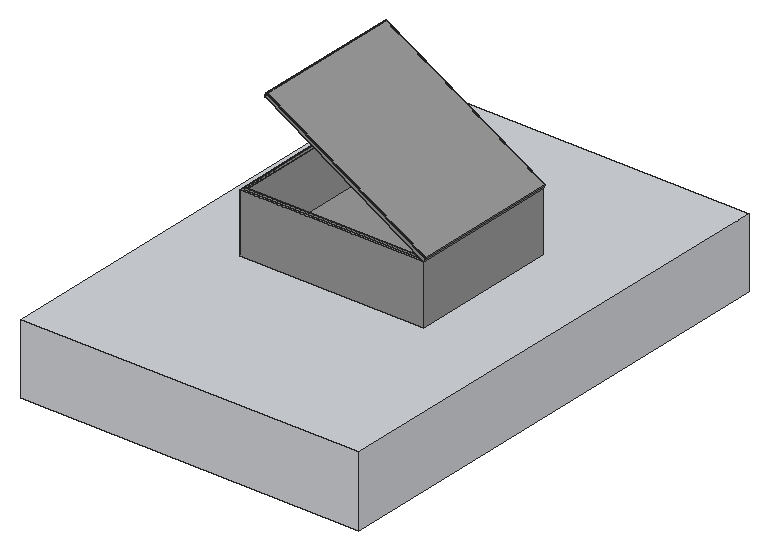
Revit family "Hager-Univers-IP55-D275-H650-Cl.I-Steel_encl-CH-it", category Equipement électrique, Revit 2020
Family settings
  Hôte = Face
  Configuration du panneau = Deux colonnes, circuits au sein
  Cote de connecteur circulaire = Utiliser le diamètre
  Type d'élément = Tableau de raccordement
  Couper avec des vides une fois chargée = Non
  Partagée = Non
  Point de calcul de pièce = Non
Parameters (values of type "A parete IP55 L800 A650 P275  - FR43E")
  Width Control [instance] = if([EF000008 - Larghezza] > Min Width, [EF000008 - Larghezza], Min Width)  # 800 mm
  Commentaires du type = [HG000003 - Gamma]  # "Univers"
  Thickness Door [instance] = if([EF009171 - spessore materiale porta/coperchio] > 3 mm, 3 mm, [EF009171 - spessore materiale porta/coperchio])  # 1.5 mm
  Seal Frame Offset [instance] = 17 mm  # constant formula
  Plinth Visibility [instance] = [HG000027 - Altezza dello zoccolo] > 0 mm  # no
  Model = ""
  Min Width [instance] = 100 mm  # constant formula
  Min Height [instance] = 100 mm  # constant formula
  Min Depth [instance] = (2 * [EF009170 - spessore materiale scatola]) + 1 mm  # 4 mm
  Internal Frame Depth [instance] = (Door System Depth * 0.5)  # 9 mm
  Height Control [instance] = if([EF000040 - Altezza] > Min Height, [EF000040 - Altezza], Min Height)  # 650 mm
  HG000027 - Altezza dello zoccolo = 0 mm
  HG000026 - A pavimento = no
  HG000024 - Altezza della sezione inferiore = 800 mm
  HG000023 - Custodia a doppia sezione = no
  HG000016 - Visibilità delle porte nella vista 3D [instance] = yes
  HG000015 - Visibilità attraverso la porta [instance] = no
  HG000014 - Porta destra [instance] = yes
  HG000013 - Porta sinistra [instance] = not([HG000014 - Porta destra])  # no
  HG000012 - Angolo di apertura della porta [instance] = 30.00°
  HG000010 - Porte asimmetriche = no
  HG000009 - Porta doppia a battente = no
  HG000006 - Ad incasso = no
  HG000004 - Codice produttore = "FR43E"
  HG000003 - Gamma = "Univers"
  HG000002 - Con porta = yes
  Frame Offset Bottom [instance] = 10 mm  # constant formula
  Frame Offset [instance] = 15 mm  # constant formula
  EF015940 - Coprire con rilascio di sovrapressione = no
  EF011959 - tipo di protezione (NEMA) = ""
  EF009554 - numero delle aperture per la piastra della flangia = 6
  Fabricant = "Hager"  # constant formula
  EF009212 - esecuzione coperchio = "EV000116 - chiuso"
  EF009171 - spessore materiale porta/coperchio = 1.5 mm
  EF009170 - spessore materiale scatola = 1.5 mm
  EF008873 - corrente nominale (In) = 800 A
  EF007800 - adatto per parafulmine = no
  EF006306 - con serratura = no
  EF006244 - coperchio/porta trasparente = no
  EF005474 - grado di protezione (IP) = "EV006420 - IP55"
  EF004464 - tipo di porta = "EV002646 - singolo"
  EF004427 - numero di moduli = 144
  EF004293 - resistenza agli urti = "EV008784 - IK10"
  EF003532 - adatto per uso esterno = no
  EF002950 - Numero moduli DIN = 24
  EF001613 - Integrità del circuito = "EV000494 - senza"
  EF001596 - Attacco Lampada = "EV000179 - acciaio"
  EF001131 - profondità interna = 275 mm
  EF001088 - possibilità di applicazione = yes
  EF000437 - numero di ingressi per conduttori = 6
  EF000339 - tipo di copertura = "EV004216 - porta"
  EF000266 - numero di file = 4
  EF000218 - profondità di incasso = 0 mm
  EF000118 - con piastra di montaggio = no
  EF000116 - numero RAL = "7035"
  EF000049 - profondità = 275 mm
  EF000040 - Altezza = 650 mm
  EF000008 - Larghezza = 800 mm
  EF000007 - colore = "EV000270 - grigio"
  EF000003 - Tipo di montaggio = "EV000384 - A parete"
  Door System Leaf Tolerance [instance] = 1.5 mm  # constant formula
  Door System Depth [instance] = 18 mm  # constant formula
  Door Height [instance] = Height Control - [HG000027 - Altezza dello zoccolo]  # 650 mm
  Depth Control [instance] = if([EF000049 - profondità] > Min Depth, [EF000049 - profondità], Min Depth)  # 275 mm
  Default Elevation = 0 mm
  Connector Offset [instance] = Height Control / 2  # 325 mm
  Bottom Top Plate Trim [instance] = 1.5 mm  # constant formula
  Plinth height Ctrl [instance] = if([HG000027 - Altezza dello zoccolo] > 0 mm, [HG000027 - Altezza dello zoccolo], 12 mm)  # 12 mm
Types (5, lengths in mm): name | Width Control | HG000010 - Porte asimmetriche | HG000009 - Porta doppia a battente | HG000004 - Codice produttore | EF009554 - numero delle aperture per la piastra della flangia | EF004464 - tipo di porta | EF004427 - numero di moduli | EF000437 - numero di ingressi per conduttori | EF000008 - Larghezza
  A parete IP55 L1050 A650 P275  - FR44E | 1050 | no | yes | "FR44E" | 8 | "EV003602 - doppio" | 192 | 8 | 1050
  A parete IP55 L1300 A650 P275  - FR45E | 1300 | yes | yes | "FR45E" | 10 | "EV003602 - doppio" | 240 | 10 | 1300
  A parete IP55 L300 A650 P275  - FR41E | 300 | no | no | "FR41E" | 2 | "EV002646 - singolo" | 48 | 2 | 300
  A parete IP55 L550 A650 P275  - FR42E | 550 | no | no | "FR42E" | 4 | "EV002646 - singolo" | 96 | 4 | 550
  A parete IP55 L800 A650 P275  - FR43E | 800 | no | no | "FR43E" | 6 | "EV002646 - singolo" | 144 | 6 | 800
Reference planes
  plane 1 "Center (Front/Back)": y = 0
  plane 2: z = 0
  plane 3 "Center (Left/Right)": x = 0
  plane 4: z = 275
  plane 5: y = 1.5
  plane 6: y = 325
  plane 7: y = 0
  plane 8: y = 650
  plane 9: z = 0
  plane 10: x = -385
  plane 11: x = 385
  plane 12: x = 383.5
  plane 13: x = -383.5
  plane 14: y = 648.5
  plane 15: x = -383
  plane 16: x = -400
  plane 17: x = 383
  plane 18: x = 400
  plane 19: x = 398.5
  plane 20: x = -398.5
  plane 21: y = 11.5
  plane 22: y = 650
  plane 23: y = 633.5
  plane 24: z = 257
  plane 25: z = 1.5
  plane 26: z = 255.5
  plane 27: z = 273.5
Forms (mm)
  Extrusion 1, solid
    sketch origin (0, 0, 0) x (1, 0, 0) y (0, 1, 0)
      loop
        line (-702.964, 1305) -> (-702.964, -811.445) -> (766.763, -811.445) -> (766.763, 1305) -> (-702.964, 1305)
    from 0 to -304.8
  Extrusion 2, solid, material "Hager_Steel_RAL7035_Light_Grey", visible <- "Plinth Visibility", detail levels medium+fine
    sketch origin (0, 0, 0) x (1, 0, 0) y (0, 1, 0)
      loop
        line (-400, 0) -> (400, 0) -> (400, 12) -> (-400, 12) -> (-400, 0)
    from 0 to 257
  Extrusion 3, solid, material "Hager_Steel_RAL7035_Light_Grey", detail levels medium+fine
    sketch origin (0, 0, 0) x (1, 0, 0) y (0, 1, 0)
      loop
        line (-400, 0) -> (400, 0) -> (400, 650) -> (-400, 650) -> (-400, 0)
    from 0 to 257
  Extrusion 4, void
    sketch origin (0, 0, 0) x (1, 0, 0) y (0, 1, 0)
      loop
        line (-398.5, 1.5) -> (398.5, 1.5) -> (398.5, 648.5) -> (-398.5, 648.5) -> (-398.5, 1.5)
    from 1.5 to 255.5
  Extrusion 5, void
    sketch origin (-381.607, -4572, 257) x (0, -1, 0) y (-1, 0, 0)
      loop
        line (-4583.5, 1.893) -> (-5205.5, 1.893) -> (-5205.5, -765.107) -> (-4583.5, -765.107) -> (-4583.5, 1.893)
    from 0 to 1.5 <- "EF009170 - spessore materiale scatola"
  Extrusion 6, solid, material "Hager_Steel_RAL7035_Light_Grey", detail levels fine
    sketch origin (0, 0, 257) x (1, 0, 0) y (0, 1, 0)
      loop
        line (-383.5, 633.5) -> (-383.5, 11.5) -> (383.5, 11.5) -> (383.5, 633.5) -> (-383.5, 633.5)
      loop
        line (-385, 10) -> (385, 10) -> (385, 635) -> (-385, 635) -> (-385, 10)
    from 0 to 9 <- "Internal Frame Depth"
  Extrusion 7, solid, material "Hager_Steel_RAL7035_Light_Grey", detail levels coarse
    sketch origin (0, 0, 0) x (1, 0, 0) y (0, 1, 0)
      loop
        line (-400, 0) -> (400, 0) -> (400, 650) -> (-400, 650) -> (-400, 0)
    from 0 to 275
  Sweep 8, void
    path in 3D
      loop
        line (-400, 12, 0) -> (400, 12, 0) -> (400, 12, 257) -> (-400, 12, 257) -> (-400, 12, 0)
    profile origin (-400, 12, 128.5) x (-1, 0, 0) y (0, -1, 0)
      loop
        line (0, 0) -> (0, 1.5) -> (-1.5, 1.5)
        arc (-1.5, 1.5) -> (-1.061, 0.439) -> (0, 0) r 1.5
Cuts and joins
  Extrusion 4, Extrusion 5 cuts Extrusion 3
  Sweep 8 cuts Extrusion 2
Lines and regions (mm)
  Masking region 1
    outline origin (0, 0, 0) x (1, 0, 0) y (0, 0, 1)
      loop
        line (-400, 275) -> (-400, 0) -> (400, 0) -> (400, 275) -> (-400, 275)
  Masking region 2, detail levels medium+fine
    outline origin (0, 140, 0) x (0, 1, 0) y (0, 0, 1)
      loop
        line (-140, 0) -> (510, 0) -> (510, 257) -> (-140, 257) -> (-140, 0)
  Masking region 3, not visible, detail levels medium+fine
    outline origin (0, 297.922, 0) x (0, 1, 0) y (0, 0, 1)
      loop
        line (38.578, 0) -> (78.578, 0) -> (78.578, 263.5)
        arc (78.578, 263.5) -> (75.649, 270.571) -> (68.578, 273.5) r 10
        line (68.578, 273.5) -> (38.578, 273.5) -> (38.578, 0)
  Masking region 4, detail levels coarse
    outline origin (0, 0, 180) x (0, 1, 0) y (0, 0, 1)
      loop
        line (0, -180) -> (650, -180) -> (650, 95) -> (0, 95) -> (0, -180)
  Masking region 5, visible <- "Plinth Visibility", detail levels medium+fine
    outline origin (0, 52.24, 12.345) x (0, 0, -1) y (0, 1, 0)
      loop
        line (10.845, -40.24) -> (-243.155, -40.24)
        arc (-243.155, -40.24) -> (-243.594, -41.301) -> (-244.655, -41.74) r 1.5
        line (-244.655, -41.74) -> (-244.655, -52.24) -> (12.345, -52.24) -> (12.345, -41.74)
        arc (12.345, -41.74) -> (11.285, -41.301) -> (10.845, -40.24) r 1.5
  Masking region 6, detail levels medium+fine
    outline origin (-381.607, -4572, 257) x (-1, 0, 0) y (0, -1, 0)
      loop
        line (18.393, -5222) -> (18.393, -4572) -> (-781.607, -4572) -> (-781.607, -5222) -> (18.393, -5222)
  Masking region 7, visible <- "Plinth Visibility", detail levels medium+fine
    outline origin (-381.607, -4727, 257) x (-1, 0, 0) y (0, -1, 0)
      loop
        arc (16.893, -4739) -> (17.332, -4737.939) -> (18.393, -4737.5) r 1.5
        line (18.393, -4737.5) -> (18.393, -4727) -> (-781.607, -4727) -> (-781.607, -4737.5)
        arc (-781.607, -4737.5) -> (-780.546, -4737.939) -> (-780.107, -4739) r 1.5
        line (-780.107, -4739) -> (16.893, -4739)
  Masking region 8, detail levels coarse
    outline origin (-442.548, -4669.526, 257) x (-1, 0, 0) y (0, -1, 0)
      loop
        line (-42.548, -5319.526) -> (-42.548, -4669.526) -> (-842.548, -4669.526) -> (-842.548, -5319.526) -> (-42.548, -5319.526)
  sketch lines
    curve 1: line (-400, 12, 257) -> (-400, 12, 0)
    curve 2: line (400, 12, 257) -> (-400, 12, 257)
    curve 3: line (400, 12, 257) -> (400, 12, 0)
    curve 4: line (-400, 12, 0) -> (400, 12, 0)
Dimensions and locks
  "Depth Control": plane 4 to Extrusion 1
  "HG000027 - Altezza dello zoccolo": plane 1 "Center (Front/Back)" to plane 7
  "EF009170 - spessore materiale scatola": plane 5 to plane 7
  locked: connector elem to plane 3 "Center (Left/Right)"
  equal spacing: plane 8, plane 6, plane 7
  locked: connector elem to plane 6
  "EF009170 - spessore materiale scatola": plane 8 to plane 14
  "EF009170 - spessore materiale scatola": plane 10 to plane 13
  "EF009170 - spessore materiale scatola": plane 12 to plane 11
  "Frame Offset": plane 20 to plane 13
  "Frame Offset": plane 12 to plane 19
  "EF009170 - spessore materiale scatola": plane 16 to plane 20
  "EF009170 - spessore materiale scatola": plane 19 to plane 18
  "Seal Frame Offset": plane 16 to plane 15
  "Seal Frame Offset": plane 17 to plane 18
  "Frame Offset Bottom": plane 21 to plane 5
  "Frame Offset": plane 14 to plane 23
  equal spacing: plane 16, plane 3 "Center (Left/Right)", plane 18
  "Width Control": plane 16 to plane 18
  "EF009170 - spessore materiale scatola": plane 4 to plane 27
  "EF009170 - spessore materiale scatola": plane 24 to plane 26
  "EF009170 - spessore materiale scatola": plane 25 to level
  "Door System Depth": plane 4 to plane 24
  "Height Control": plane 1 "Center (Front/Back)" to Extrusion 7 sketch curve
  "Height Control": Masking region 4 sketch curve to plane 1 "Center (Front/Back)"
  "Height Control": plane 1 "Center (Front/Back)" to plane 22
  "Bottom Top Plate Trim": profile plane to Sweep 8 sketch curve
  "Bottom Top Plate Trim": Sweep 8 sketch curve to profile plane
  "Plinth height Ctrl": plane 1 "Center (Front/Back)" to Extrusion 2 sketch curve
  "Plinth height Ctrl": Masking region 5 sketch curve to plane 1 "Center (Front/Back)"
  "Plinth height Ctrl": plane 1 "Center (Front/Back)" to Masking region 7 sketch curve
  "Thickness Door": Extrusion 6 sketch curve to Extrusion 6 sketch curve  (x3)
  "Thickness Door": cut or joined group of Extrusion 3, Extrusion 4, Extrusion 5 to Extrusion 6 sketch curve
  radius of Masking region 3 sketch curve = 10 mm
  "Bottom Top Plate Trim": radius of Masking region 5 sketch curve  (x2)
  "Bottom Top Plate Trim": radius of Sweep 8 sketch curve
  "Bottom Top Plate Trim": radius of Masking region 7 sketch curve  (x2)
  aligned and locked: plane 2 to Extrusion 1
  aligned and locked: level to Extrusion 1
  aligned and locked: level to Masking region 1 sketch curve
  aligned and locked: Masking region 1 sketch curve to plane 18
  aligned and locked: Masking region 1 sketch curve to plane 16
  aligned and locked: plane 7 to Masking region 2 sketch curve
  aligned and locked: level to Masking region 3 sketch curve
  aligned and locked: Masking region 3 sketch curve to plane 27
  aligned and locked: level to Masking region 2 sketch curve
  aligned and locked: plane 1 "Center (Front/Back)" to Extrusion 2 sketch curve
  aligned and locked: Extrusion 3 sketch curve to plane 7
  aligned and locked: plane 16 to Extrusion 3 sketch curve
  aligned and locked: plane 18 to Extrusion 3 sketch curve
  aligned and locked: plane 20 to Extrusion 4 sketch curve
  aligned and locked: plane 19 to Extrusion 4 sketch curve
  aligned and locked: Extrusion 4 sketch curve to plane 5
  aligned and locked: Extrusion 4 to plane 25
  aligned and locked: plane 26 to Extrusion 4
  aligned and locked: plane 24 to Extrusion 3
  aligned and locked: Extrusion 5 sketch curve to plane 21
  aligned and locked: Extrusion 5 sketch curve to plane 13
  aligned and locked: Extrusion 5 sketch curve to plane 12
  aligned and locked: plane 18 to Extrusion 7 sketch curve
  aligned and locked: plane 1 "Center (Front/Back)" to Extrusion 7 sketch curve
  aligned and locked: plane 16 to Extrusion 7 sketch curve
  aligned and locked: plane 4 to Extrusion 7
  aligned and locked: Extrusion 7 to level
  aligned and locked: level to Masking region 4 sketch curve
  aligned and locked: Masking region 4 sketch curve to plane 1 "Center (Front/Back)"
  aligned and locked: Masking region 4 sketch curve to plane 4
  aligned and locked: nested 1 to level
  aligned and locked: nested 1 to plane 16
  aligned and locked: plane 8 to Extrusion 3 sketch curve
  aligned and locked: plane 23 to Extrusion 5 sketch curve
  aligned and locked: plane 14 to Extrusion 4 sketch curve
  aligned and locked: Masking region 2 sketch curve to plane 8
  aligned and locked: level to Masking region 5 sketch curve
  aligned and locked: plane 16 to Extrusion 2 sketch curve
  aligned and locked: plane 18 to Extrusion 2 sketch curve
  aligned and locked: Masking region 5 sketch curve to plane 24
  aligned and locked: Masking region 2 sketch curve to plane 24
  aligned and locked: plane 24 to Extrusion 2
  aligned and locked: profile plane to Sweep 8 sketch curve  (x2)
  aligned and locked: Masking region 6 sketch curve to plane 18
  aligned and locked: Masking region 6 sketch curve to plane 22
  aligned and locked: Masking region 6 sketch curve to plane 16
  aligned and locked: plane 8 to plane 22
  aligned and locked: Masking region 6 sketch curve to plane 7
  aligned and locked: Masking region 7 sketch curve to plane 16
  aligned and locked: Masking region 7 sketch curve to plane 1 "Center (Front/Back)"
  aligned and locked: Masking region 7 sketch curve to plane 18
  aligned and locked: Masking region 8 sketch curve to plane 1 "Center (Front/Back)"
  aligned and locked: Masking region 8 sketch curve to plane 18
  aligned and locked: Masking region 8 sketch curve to plane 22
  aligned and locked: Masking region 8 sketch curve to plane 16
  aligned and locked: nested 2 to plane 7
  aligned and locked: plane 3 "Center (Left/Right)" to nested 2
  aligned and locked: nested 2 to plane 24
  aligned and locked: Extrusion 6 sketch curve to cut or joined group of Extrusion 3, Extrusion 4, Extrusion 5  (x4)
Automatic sketch dimensions
  Extrusion 1 sketch curve to Extrusion 1 sketch curve = 1469.727 mm
  Extrusion 1 sketch curve to Extrusion 1 sketch curve = 2116.445 mm
  Masking region 1 sketch curve to plane 4 = 0 mm
  plane 6 to Masking region 3 sketch curve = 11.5 mm
  Masking region 3 sketch curve to Masking region 3 sketch curve = 30 mm
  Masking region 5 sketch curve to plane 1 "Center (Front/Back)" = 0 mm
Nested families
  nested 1: "Hager_Enclosure_Symbol" at (-400, 0, 0) x (1, 0, 0) z (0, -1, 0), Height <- "Depth Control", Width <- "Width Control", type "Hager_Enclosure_Symbol"
    with Width_Ctrl 800 mm, Width 800 mm, Height_Ctrl 275 mm, Height 275 mm, A_Width_Int 18.047 mm, A_Width 216.562 mm, A_Height_Ctrl 240.625 mm, A_Height 240.625 mm
  nested 2: "EC000058_Univers_Door" at (0, 0, 257) x (1, 0, 0) z (0, 1, 0), Leaf_Tolerance <- "Door System Leaf Tolerance", Angle <- "HG000012 - Angolo di apertura della porta", Door_Depth <- "Door System Depth", Door_Left <- "HG000013 - Porta sinistra", Transparent <- "EF006244 - coperchio/porta trasparente", Assymetrical <- "HG000010 - Porte asimmetriche", Width <- "Width Control", Clearance <- "HG000015 - Visibilità attraverso la porta", Double <- "HG000009 - Porta doppia a battente", 3d_Door <- "HG000016 - Visibilità delle porte nella vista 3D", Lock_Visibility <- "EF006306 - con serratura", Width_Ctrl <- "Width Control", Door_Right <- "HG000014 - Porta destra", Door <- "HG000002 - Con porta", Height <- "Door Height", Thickness <- "Thickness Door", type "EC000058_Univers_Door", detail levels medium+fine
    with min_wh 4 mm, Width_Ctrl 800 mm, Width 800 mm, Transparent no, Thickness 1.5 mm, Seal_Material Hager_Rubber, Lock_Visibility no, Lock_Material Hager_Plastic_RAL9005_Jet_Black, Leaf_Width 800 mm, Leaf_Tolerance_External_Sides 0 mm, Leaf_Tolerance 1.5 mm, Leaf_Offset 0 mm, Leaf_Height 647 mm, Leaf_2_Width 800 mm, Leaf_2_Offset 400 mm, Leaf_1_Width 800 mm, Leaf_1_Offset 400 mm, Height_Ctrl 650 mm, Height 650 mm, Glass_Material Hager_Glass, Double_Clearance_Ctrl no, Double no, Door_Right_Ctrl yes, Door_Right yes, Door_Material Hager_Steel_RAL7035_Light_Grey, Door_Left_Ctrl no, Door_Left no, Door_Depth 18 mm, Door yes, Clearance_Material Hager_Clearance, Clearance_Depth 800 mm, Clearance_Ctrl no, Clearance no, Assymetrical no, Angle 30.00°, 3d_Door yes
Connectors
  electrical at (0, 325, 0)
    settings: on plane 9, index 1, voltage 0 V, apparent load 0 VA, apparent load phase1 0 VA, apparent load phase2 0 VA, apparent load phase3 0 VA, power factor 1, load classification "Other", number of poles 1, system type 30, power factor state 1, is connector primary yes, connector utility no, sub classification motor no, connector description ""
Definition of nested family "EC000058_Univers_Door"
  Parameters (values of type "EC000058_Univers_Door")
    min_wh [instance] = (2 * Thickness) + 1 mm  # 11 mm
    Width_Ctrl [instance] = 400 mm
    Width [instance] = 500 mm
    Transparent [instance] = yes
    Thickness [instance] = 5 mm
    Seal_Material [instance] = none
    Lock_Visibility [instance] = yes
    Lock_Material [instance] = none
    Leaf_Width [instance] = if((Width_Ctrl - 2 * Leaf_Tolerance_External_Sides) > 0 mm, (Width_Ctrl - 2 * Leaf_Tolerance_External_Sides), min_wh)  # 400 mm
    Leaf_Tolerance_External_Sides [instance] = 0 mm  # constant formula
    Leaf_Tolerance [instance] = 1.5 mm
    Leaf_Offset [instance] = 0 mm  # constant formula
    Leaf_Height [instance] = if((Height_Ctrl - 2 * Leaf_Tolerance) > 0 mm, (Height_Ctrl - 2 * Leaf_Tolerance), min_wh)  # 497 mm
    Leaf_2_Width [instance] = if(and(and(Double, Assymetrical), Door_Left), (Leaf_Width / 3) - (Leaf_Tolerance / 2), if(and(and(Double, Assymetrical), Door_Right), (Leaf_Width / 3) * 2 - (Leaf_Tolerance / 2), if(and(Double, not(Assymetrical)), (Leaf_Width / 2) - Leaf_Tolerance, Leaf_Width)))  # 400 mm
    Leaf_2_Offset [instance] = if(and(Double, Assymetrical), Leaf_2_Width / 2, if(and(Double, not(Assymetrical)), Leaf_Width / 4, Leaf_Width / 2))  # 200 mm
    Leaf_1_Width [instance] = if(and(and(Double, Assymetrical), Door_Right), (Leaf_Width / 3) - (Leaf_Tolerance / 2), if(and(and(Double, Assymetrical), Door_Left), (Width / 3) * 2 - (Leaf_Tolerance / 2), if(and(Double, not(Assymetrical)), (Leaf_Width / 2) - Leaf_Tolerance, Leaf_Width)))  # 400 mm
    Leaf_1_Offset [instance] = if(and(Double, Assymetrical), Leaf_1_Width / 2, if(and(Double, not(Assymetrical)), Leaf_Width / 4, Leaf_Width / 2))  # 200 mm
    Height_Ctrl [instance] = if(Height > min_wh, Height, min_wh)  # 500 mm
    Height [instance] = 500 mm
    Glass_Material [instance] = none
    Double_Clearance_Ctrl [instance] = and(Double, Clearance)  # no
    Double [instance] = no
    Door_Right_Ctrl [instance] = and(or(Door_Right, Double), Door)  # yes
    Door_Right [instance] = yes
    Door_Material [instance] = none
    Door_Left_Ctrl [instance] = and(or(Door_Left, Double), Door)  # no
    Door_Left [instance] = no
    Door_Depth [instance] = 30 mm
    Door [instance] = yes
    Default Elevation = 1219.2 mm
    Clearance_Material [instance] = none
    Clearance_Depth [instance] = if(Leaf_1_Width > Leaf_2_Width, Leaf_1_Width, Leaf_2_Width)  # 400 mm
    Clearance_Ctrl [instance] = and(not(Double), Clearance)  # yes
    Clearance [instance] = yes
    Assymetrical [instance] = yes
    Angle [instance] = 30.00°
    3d_Door [instance] = yes
  Reference planes
    plane 1 "Center (Front/Back)": y = 0
    plane 2 "Bottom": z = 0
    plane 3 "Center (Left/Right)": x = 0
    plane 4: z = 500
    plane 5: x = -200
    plane 6: x = 200
    plane 7: z = 500
    plane 8: x = -200
    plane 9: z = 0
    plane 10: x = 200
    plane 11: y = 0
    plane 12: z = 1.5
    plane 13: x = -600
    plane 14: y = -400
    plane 15: x = 600
    plane 16: x = 0
    plane 17: x = 0
    plane 18: x = -200
    plane 19: x = 200
    plane 20: z = 498.5
  Forms (mm)
    Extrusion 1, solid, material <- "Clearance_Material", visible <- "Double_Clearance_Ctrl"
      sketch origin (1200, 0, 0) x (1, 0, 0) y (0, 0, -1)
        loop
          line (-1800, -498.5) -> (-600, -498.5) -> (-600, 0) -> (-1800, 0) -> (-1800, -498.5)
      from 0 to -400
  Dimensions and locks
    equal spacing: plane 5, plane 3 "Center (Left/Right)", plane 6
    "Width_Ctrl": plane 5 to plane 6
    "Leaf_Offset": plane 5 to plane 8
    "Leaf_Offset": plane 6 to plane 10
    "Leaf_Offset": plane 9 to level
    "Leaf_Offset": plane 4 to plane 7
    "Height_Ctrl": plane 4 to level
    "Leaf_Tolerance": plane 12 to plane 9
    locked: plane 11 to plane 1 "Center (Front/Back)"
    "Leaf_1_Offset": plane 18 to plane 16
    "Leaf_2_Offset": plane 17 to plane 19
    "Leaf_1_Width": plane 13 to plane 8
    "Leaf_2_Width": plane 10 to plane 15
    "Clearance_Depth": plane 14 to plane 1 "Center (Front/Back)"
    "Leaf_Tolerance_External_Sides": plane 8 to plane 18
    "Leaf_Tolerance_External_Sides": plane 19 to plane 10
    "Leaf_Tolerance": plane 7 to plane 20
    aligned and locked: level to plane 2 "Bottom"
    aligned and locked: nested 1 to plane 16
    aligned and locked: nested 2 to plane 17
    aligned and locked: Extrusion 1 to plane 13
    aligned and locked: plane 15 to Extrusion 1
    aligned and locked: Extrusion 1 to plane 14
    aligned and locked: plane 12 to nested 1
    aligned and locked: nested 2 to plane 12
    aligned and locked: Extrusion 1 to plane 11
    aligned and locked: plane 20 to Extrusion 1
    aligned and locked: nested 2 to plane 11
    aligned and locked: nested 1 to plane 11
  Automatic sketch dimensions
    Extrusion 1 sketch curve to level = 0 mm
    plane 5 to Extrusion 1 sketch curve = 400 mm
    plane 6 to Extrusion 1 sketch curve = 400 mm
    Extrusion 1 sketch curve to plane 4 = 1.5 mm
  Nested families
    nested 1: "EC000058_Univers_Door_Leaf" at (0, 0, 1.5), Width <- "Leaf_1_Width", visible <- "Door_Left_Ctrl", Leaf_Height <- "Leaf_Height", Angle <- "Angle", 3d_Door <- "3d_Door", Transparent <- "Transparent", Clearance Material <- "Clearance_Material", Clearance <- "Clearance_Ctrl", Door_Material <- "Door_Material", Glass_Material <- "Glass_Material", Door_Depth <- "Door_Depth", Lock_Material <- "Lock_Material", Seal_Material <- "Seal_Material", Lock_Visibility <- "Lock_Visibility", Thickness <- "Thickness", type "EC000058_Univers_Door_Leaf"
      with Width 400 mm, Transparent_Glass_Offset 30 mm, Transparent_Ctrl yes, Transparent yes, Thickness 5 mm, Standard no, Seal_Material none, Seal_D2 8 mm, Seal_D1 1 mm, Offset_Internal_Frame 10 mm, Lock_Width 20 mm, Lock_Visibility_3d yes, Lock_Visibility yes, Lock_Thickness_3 3 mm, Lock_Thickness_2 1 mm, Lock_Thickness_1 3 mm, Lock_Radius_Offset_2 16 mm, Lock_Radius_Offset_1 15 mm, Lock_Radius_2 5 mm, Lock_Radius 6 mm, Lock_Offset 5 mm, Lock_Material none, Lock_Height 80 mm, Lock_Cover_Top_Offset_2d 17 mm, Lock_Cover_Height -65 mm, Leaf_Height 497 mm, Internal_Seal_Thickness 8 mm, Internal_Seal_Depth_2 4.5 mm, Internal_Frame_Depth 25 mm, Glass_Thickness -1 mm, Glass_Offset -2 mm, Glass_Material none, Door_Material none, Door_Depth 30 mm, Clearance Material none, Clearance yes, Angle_Ctrl 30.00°, Angle 30.00°, 3d_Door yes
    nested 2: "EC000058_Univers_Door_Leaf" at (0, 0, 1.5) x (-1, 0, 0) z (0, 0, 1), Width <- "Leaf_2_Width", visible <- "Door_Right_Ctrl", Leaf_Height <- "Leaf_Height", Angle <- "Angle", 3d_Door <- "3d_Door", Transparent <- "Transparent", Clearance Material <- "Clearance_Material", Clearance <- "Clearance_Ctrl", Door_Material <- "Door_Material", Glass_Material <- "Glass_Material", Door_Depth <- "Door_Depth", Lock_Material <- "Lock_Material", Seal_Material <- "Seal_Material", Lock_Visibility <- "Lock_Visibility", Thickness <- "Thickness", type "EC000058_Univers_Door_Leaf"
      with Width 400 mm, Transparent_Glass_Offset 30 mm, Transparent_Ctrl yes, Transparent yes, Thickness 5 mm, Standard no, Seal_Material none, Seal_D2 8 mm, Seal_D1 1 mm, Offset_Internal_Frame 10 mm, Lock_Width 20 mm, Lock_Visibility_3d yes, Lock_Visibility yes, Lock_Thickness_3 3 mm, Lock_Thickness_2 1 mm, Lock_Thickness_1 3 mm, Lock_Radius_Offset_2 16 mm, Lock_Radius_Offset_1 15 mm, Lock_Radius_2 5 mm, Lock_Radius 6 mm, Lock_Offset 5 mm, Lock_Material none, Lock_Height 80 mm, Lock_Cover_Top_Offset_2d 17 mm, Lock_Cover_Height -65 mm, Leaf_Height 497 mm, Internal_Seal_Thickness 8 mm, Internal_Seal_Depth_2 4.5 mm, Internal_Frame_Depth 25 mm, Glass_Thickness -1 mm, Glass_Offset -2 mm, Glass_Material none, Door_Material none, Door_Depth 30 mm, Clearance Material none, Clearance yes, Angle_Ctrl 30.00°, Angle 30.00°, 3d_Door yes
  Definition of nested family "EC000058_Univers_Door_Leaf"
    Parameters (values of type "EC000058_Univers_Door_Leaf")
      Width [instance] = 2000 mm
      Transparent_Glass_Offset [instance] = 30 mm
      Transparent_Ctrl [instance] = and(Transparent, [3d_Door])  # yes
      Transparent [instance] = yes
      Thickness [instance] = 5 mm
      Standard [instance] = and(not(Transparent), [3d_Door])  # no
      Seal_Material [instance] = none
      Seal_D2 [instance] = 8 mm  # constant formula
      Seal_D1 [instance] = 1 mm  # constant formula
      Offset_Internal_Frame [instance] = 10 mm  # constant formula
      Lock_Width [instance] = 20 mm  # constant formula
      Lock_Visibility_3d [instance] = and(Lock_Visibility, [3d_Door])  # yes
      Lock_Visibility [instance] = yes
      Lock_Thickness_3 [instance] = 3 mm  # constant formula
      Lock_Thickness_2 [instance] = 1 mm  # constant formula
      Lock_Thickness_1 [instance] = 3 mm  # constant formula
      Lock_Radius_Offset_2 [instance] = Lock_Radius_Offset_1 + 1 mm  # 16 mm
      Lock_Radius_Offset_1 [instance] = 15 mm  # constant formula
      Lock_Radius_2 [instance] = Lock_Radius - 1 mm  # 5 mm
      Lock_Radius [instance] = 6 mm  # constant formula
      Lock_Offset [instance] = 5 mm  # constant formula
      Lock_Material [instance] = none
      Lock_Height [instance] = 80 mm  # constant formula
      Lock_Cover_Top_Offset_2d [instance] = Lock_Radius_Offset_2 + 1 mm  # 17 mm
      Lock_Cover_Height [instance] = -(Lock_Height - Lock_Radius_Offset_1)  # -65 mm
      Leaf_Height [instance] = 2720.336 mm
      Internal_Seal_Thickness [instance] = 8 mm  # constant formula
      Internal_Seal_Depth_2 [instance] = 4.5 mm  # constant formula
      Internal_Frame_Depth [instance] = if(Door_Depth - Thickness > 5 mm, Door_Depth - Thickness, 5 mm)  # 25 mm
      Glass_Thickness [instance] = if(Thickness > 15 mm, Glass_Offset + 10 mm, -1 mm)  # -1 mm
      Glass_Offset [instance] = if(Thickness > 15 mm, -(Thickness + 10 mm) / 2, -2 mm)  # -2 mm
      Glass_Material [instance] = none
      Door_Material [instance] = none
      Door_Depth [instance] = 30 mm
      Default Elevation = 0 mm
      Clearance Material [instance] = none
      Clearance [instance] = yes
      Angle_Ctrl [instance] = if(Angle > 180.00°, 180.00°, Angle)  # 90.00°
      Angle [instance] = 90.00°
      3d_Door [instance] = yes
    Reference planes
      plane 1 "Center (Front/Back)": y = 0
      plane 2: z = 0
      plane 3 "Center (Left/Right)": x = 0
      plane 4: y = 2000
      plane 5: x = -1000
      plane 6: x = 1000
      plane 7: x = -3000
      plane 8: z = 2720.336
      plane 9: z = 30
      plane 10: z = 2690.336
      plane 11: x = 970
      plane 12: x = -970
      plane 13: y = -3
      plane 14: z = 107.833
      plane 15: y = -5
      plane 16: y = -223.314
      plane 17: x = -1000
      plane 18: z = 1360.168
      plane 19: y = 30
    Forms (mm)
      Extrusion 1, solid, material <- "Clearance Material", visible <- "Clearance"
        sketch origin (0, 0, 0) x (1, 0, 0) y (0, 0, 1)
          loop
            line (-3000, 2720.336) -> (-3000, 0) -> (1000, 0) -> (1000, 2720.336) -> (-3000, 2720.336)
        from 0 to -2000
      Extrusion 2, solid, material <- "Door_Material", visible <- "Standard", detail levels medium+fine
        sketch origin (-1000, 0, 0) x (0, 1, 0) y (-1, 0, 0)
          loop
            line (0, 30) -> (0, 25) -> (2000, 25) -> (2000, 30) -> (0, 30)
        from 0 to 2720.336 <- "Leaf_Height"
      Extrusion 3, solid, material <- "Door_Material", visible <- "Transparent_Ctrl", detail levels medium+fine
        sketch origin (-1000, 0, 0) x (0, 1, 0) y (-1, 0, 0)
          loop
            line (0, 25) -> (2000, 25) -> (2000, 30) -> (0, 30) -> (0, 25)
        from 0 to 2720.336 <- "Leaf_Height"
      Extrusion 4, void
        sketch origin (-1025, 2000, 0) x (0, 1, 0) y (0, 0, -1)
          loop
            line (-30, -2690.336) -> (-30, -30) -> (-1970, -30) -> (-1970, -2690.336) -> (-30, -2690.336)
        from 0 to 5 <- "Thickness"
      Sweep 5, solid, material <- "Seal_Material", visible <- "Transparent_Ctrl", detail levels fine
        path in 3D
          loop
            line (-1025, 30, 30) -> (-1025, 30, 2690.336) -> (-1025, 1970, 2690.336) -> (-1025, 1970, 30) -> (-1025, 30, 30)
        profile origin (-1025, 1000, 30) x (1, 0, 0) y (0, 0, 1)
          loop
            line (0, 0) -> (0, -8) -> (1, -8) -> (1, 0) -> (0, 0)
      Extrusion 6, solid, material <- "Glass_Material", visible <- "Transparent_Ctrl", detail levels medium+fine
        sketch origin (-1030, 0, 0) x (0, 1, 0) y (0, 0, -1)
          loop
            line (1970, -2690.336) -> (1970, -30) -> (30, -30) -> (30, -2690.336) -> (1970, -2690.336)
        from -2 <- "Glass_Offset" to -1 <- "Glass_Thickness"
      Extrusion 7, solid, material <- "Door_Material", visible <- "3d_Door", detail levels medium+fine
        sketch origin (-1025, 2000, 0) x (0, -1, 0) y (0, 0, -1)
          loop
            line (0, -2720.336) -> (2000, -2720.336) -> (2000, 0) -> (0, 0) -> (0, -2720.336)
          loop
            line (1995, -5) -> (5, -5) -> (5, -2715.336) -> (1995, -2715.336) -> (1995, -5)
        from 0 to 25 <- "Internal_Frame_Depth"
      Sweep 8, solid, material <- "Seal_Material", visible <- "Transparent_Ctrl", detail levels fine
        path in 3D
          loop
            line (-1025, 0, 0) -> (-1025, 2000, 0) -> (-1025, 2000, 2720.336) -> (-1025, 0, 2720.336) -> (-1025, 0, 0)
        profile origin (-1025, 0, 1360.168) x (1, 0, 0) y (0, 1, 0)
          loop
            line (0, 10) -> (2.975, 10)
            arc (2.975, 10) -> (4.053, 10.447) -> (4.5, 11.525) r 1.525
            line (4.5, 11.525) -> (4.5, 16.527)
            arc (4.5, 16.527) -> (4.069, 17.569) -> (3.027, 18) r 1.473
            line (3.027, 18) -> (0, 18) -> (0, 10)
      Extrusion 9, solid, material <- "Lock_Material", visible <- "Lock_Visibility_3d", detail levels fine
        sketch origin (-1030, 0, 0) x (0, 1, 0) y (0, 0, -1)
          loop
            arc (1993.5, -1400.168) -> (1994.561, -1399.729) -> (1995, -1398.668) r 1.5
            line (1995, -1398.668) -> (1995, -1320.168) -> (1975, -1320.168) -> (1975, -1398.668)
            arc (1975, -1398.668) -> (1975.439, -1399.729) -> (1976.5, -1400.168) r 1.5
            line (1976.5, -1400.168) -> (1993.5, -1400.168)
        from 3 <- "Lock_Thickness_1" to 0
      Blend 10, solid, material <- "Lock_Material", visible <- "Lock_Visibility_3d", detail levels fine
        base sketch origin (-1033, 0, 0) x (0, 1, 0) y (0, 0, -1)
          loop
            line (1975, -1320.168) -> (1975, -1398.668)
            arc (1975, -1398.668) -> (1975.439, -1399.729) -> (1976.5, -1400.168) r 1.5
            line (1976.5, -1400.168) -> (1993.5, -1400.168)
            arc (1993.5, -1400.168) -> (1994.561, -1399.729) -> (1995, -1398.668) r 1.5
            line (1995, -1398.668) -> (1995, -1320.168) -> (1975, -1320.168)
        top sketch origin (-1033, 0, 0) x (0, 1, 0) y (0, 0, -1)
          loop
            line (1976, -1320.168) -> (1976, -1398.668)
            arc (1976, -1398.668) -> (1976.146, -1399.022) -> (1976.5, -1399.168) r 0.5
            line (1976.5, -1399.168) -> (1993.5, -1399.168)
            arc (1993.5, -1399.168) -> (1993.854, -1399.022) -> (1994, -1398.668) r 0.5
            line (1994, -1398.668) -> (1994, -1320.168) -> (1976, -1320.168)
        from 0 to 1 <- "Lock_Thickness_2"
      Blend 11, solid, material <- "Lock_Material", visible <- "Lock_Visibility_3d", detail levels fine
        base sketch origin (-1034, 0, 0) x (0, 1, 0) y (0, 0, -1)
          loop
            line (1978, -1320.168) -> (1978, -1384.168)
            arc (1978, -1384.168) -> (1985, -1391.168) -> (1992, -1384.168) r 7
            line (1992, -1384.168) -> (1992, -1320.168) -> (1978, -1320.168)
        top sketch origin (-1034, 0, 0) x (0, 1, 0) y (0, 0, -1)
          loop
            line (1991, -1320.168) -> (1979, -1320.168) -> (1979, -1383.168)
            arc (1979, -1383.168) -> (1985, -1389.168) -> (1991, -1383.168) r 6
            line (1991, -1383.168) -> (1991, -1320.168)
        from 0 to 3 <- "Lock_Thickness_3"
      Extrusion 12, solid, material <- "Lock_Material", visible <- "Lock_Visibility_3d", detail levels fine
        sketch origin (-1030, 1975, 1320.168) x (1, 0, 0) y (0, -1, 0)
          loop
            line (-7, -19) -> (-7, -1) -> (0, -1) -> (0, 0) -> (-8, 0) -> (-8, -20) -> (0, -20) -> (0, -19) -> (-7, -19)
        from 0 to -65 <- "Lock_Cover_Height"
      Extrusion 13, void
        sketch origin (-1038, 1995, 1320.168) x (-1, 0, 0) y (0, 0, -1)
          loop
            line (-5, -65) -> (0, -65) -> (-5, -60) -> (-5, -65)
        from 0 to 20 <- "Lock_Width"
      Extrusion 14, void
        sketch origin (-1038, 1975, 1320.168) x (0, -1, 0) y (0, 0, -1)
          loop
            circle (-10, -15.995) r 6
          loop
            circle (-10, -15.995) r 5
        from 0 to 2
      Extrusion 15, solid, material <- "Lock_Material", visible <- "Lock_Visibility_3d", detail levels medium
        sketch origin (-1030, 0, 0) x (0, 1, 0) y (0, 0, -1)
          loop
            arc (1993.5, -1400.168) -> (1994.561, -1399.729) -> (1995, -1398.668) r 1.5
            line (1995, -1398.668) -> (1995, -1320.168) -> (1975, -1320.168) -> (1975, -1398.668)
            arc (1975, -1398.668) -> (1975.439, -1399.729) -> (1976.5, -1400.168) r 1.5
            line (1976.5, -1400.168) -> (1993.5, -1400.168)
        from 8 to 0
    Cuts and joins
      Extrusion 4 cuts Extrusion 3
      Extrusion 13, Extrusion 14 cuts Extrusion 9
      Extrusion 14 cuts Blend 11
      Extrusion 13, Extrusion 14 cuts Extrusion 12
      joined: Extrusion 9, Blend 10, Blend 11, Extrusion 12
      Extrusion 14 cuts Extrusion 15
    Lines and regions (mm)
      Masking region 1, visible <- "Lock_Visibility", detail levels fine
        outline origin (0, 0, 0) x (0, 1, 0) y (0, 0, 1)
          loop
            line (30, 1320.168) -> (33, 1320.168) -> (33, 1400.168) -> (30, 1400.168) -> (30, 1320.168)
      Masking region 2, visible <- "Lock_Visibility", detail levels fine
        outline origin (0, 3.143, 0) x (0, 1, 0) y (0, 0, 1)
          loop
            line (29.857, 1354.168) -> (30.857, 1354.168) -> (30.857, 1366.168) -> (29.857, 1366.168) -> (29.857, 1354.168)
      Masking region 3, detail levels medium+fine
        outline origin (0, 0, 0) x (0, 1, 0) y (0, 0, 1)
          loop
            line (0, 0) -> (30, 0) -> (30, 2720.336) -> (0, 2720.336) -> (0, 0)
      Masking region 4, detail levels medium+fine
        outline origin (0, 0, 0) x (1, 0, 0) y (0, 0, 1)
          loop
            line (-1000, 2720.336) -> (-1000, 0) -> (1000, 0) -> (1000, 2720.336) -> (-1000, 2720.336)
      Masking region 5, visible <- "Lock_Visibility", detail levels fine
        outline origin (-47.116, 0, 0) x (1, 0, 0) y (0, 0, 1)
          loop
            arc (1024.616, 1399.168) -> (1023.556, 1398.729) -> (1023.116, 1397.668) r 1.5
            line (1023.116, 1397.668) -> (1023.116, 1320.168) -> (1041.116, 1320.168) -> (1041.116, 1397.668)
            arc (1041.116, 1397.668) -> (1040.677, 1398.729) -> (1039.616, 1399.168) r 1.5
            line (1039.616, 1399.168) -> (1024.616, 1399.168)
      Masking region 6, visible <- "Lock_Visibility", detail levels medium+fine
        outline origin (-25, 0, 0) x (1, 0, 0) y (0, 0, 1)
          loop
            arc (1001.5, 1400.168) -> (1000.439, 1399.729) -> (1000, 1398.668) r 1.5
            line (1000, 1398.668) -> (1000, 1320.168) -> (1020, 1320.168) -> (1020, 1398.668)
            arc (1020, 1398.668) -> (1019.561, 1399.729) -> (1018.5, 1400.168) r 1.5
            line (1018.5, 1400.168) -> (1001.5, 1400.168)
      Masking region 7, visible <- "Lock_Visibility", detail levels fine
        outline origin (-73.735, 0, 0) x (1, 0, 0) y (0, 0, 1)
          loop
            line (1051.735, 1382.168) -> (1065.735, 1382.168) -> (1065.735, 1384.168)
            arc (1065.735, 1384.168) -> (1058.735, 1391.168) -> (1051.735, 1384.168) r 7
            line (1051.735, 1384.168) -> (1051.735, 1382.168)
      Masking region 8, visible <- "Lock_Visibility", detail levels fine
        outline origin (-73.735, 0, 0) x (1, 0, 0) y (0, 0, 1)
          loop
            line (1052.735, 1382.168) -> (1064.735, 1382.168) -> (1064.735, 1383.168)
            arc (1064.735, 1383.168) -> (1058.735, 1389.168) -> (1052.735, 1383.168) r 6
            line (1052.735, 1383.168) -> (1052.735, 1382.168)
      Masking region 9, visible <- "Lock_Visibility", detail levels fine
        outline origin (-25, 0, 0) x (1, 0, 0) y (0, 0, 1)
          loop
            line (1020, 1320.168) -> (1020, 1382.168) -> (1000, 1382.168) -> (1000, 1320.168) -> (1020, 1320.168)
      Masking region 10, detail levels medium+fine
        outline origin (0, 0, 0) x (1, 0, 0) y (0, 0, 1)
          loop
            circle (985, 1335.144) r 6
      Masking region 11, detail levels fine
        outline origin (0, 0, 0) x (1, 0, 0) y (0, 0, 1)
          loop
            circle (985, 1335.144) r 5
      Masking region 12, visible <- "Lock_Visibility", detail levels fine
        outline origin (0, 12.767, 0) x (0, 1, 0) y (0, 0, 1)
          loop
            line (20.233, 1320.168) -> (21.233, 1320.168) -> (21.233, 1399.168) -> (20.233, 1400.168) -> (20.233, 1320.168)
      Masking region 13, visible <- "Lock_Visibility", detail levels fine
        outline origin (0, 13.767, -10) x (0, 1, 0) y (0, 0, 1)
          loop
            line (20.233, 1330.168) -> (23.233, 1330.168) -> (23.233, 1399.168) -> (20.233, 1402.168) -> (20.233, 1330.168)
      Masking region 14, visible <- "Lock_Visibility", detail levels fine
        outline origin (0, 12.767, -10) x (0, 1, 0) y (0, 0, 1)
          loop
            line (20.233, 1330.168) -> (25.233, 1330.168) -> (25.233, 1399.305) -> (20.233, 1394.305) -> (20.233, 1330.168)
      Masking region 15, visible <- "Lock_Visibility", detail levels medium
        outline origin (0, 0, 0) x (0, 1, 0) y (0, 0, 1)
          loop
            line (30, 1320.168) -> (38, 1320.168) -> (38, 1400.168) -> (30, 1400.168) -> (30, 1320.168)
      Masking region 16, visible <- "Lock_Visibility", detail levels fine
        outline origin (-1000, 0, 0) x (0, 1, 0) y (-1, 0, 0)
          loop
            line (1975, 30) -> (1995, 30) -> (1995, 38) -> (1975, 38) -> (1975, 30)
          loop
            line (1979, 37) -> (1976, 37) -> (1976, 34) -> (1978, 34) -> (1979, 37)
          loop
            line (1994, 37) -> (1991, 37) -> (1992, 34) -> (1994, 34) -> (1994, 37)
      Masking region 17, visible <- "Lock_Visibility", detail levels medium
        outline origin (-1000, 0, 0) x (0, 1, 0) y (-1, 0, 0)
          loop
            line (1975, 30) -> (1995, 30) -> (1995, 38) -> (1975, 38) -> (1975, 30)
      symbolic lines
        curve 1: line (1000, 0, 0) -> (-3000, 0, 0)
        curve 2: arc (1000, 0, 0) -> (-1000, 2000, 0) -> (-3000, 0, 0) r 2000
        curve 4: line (-1030, 0, 0) -> (-1030, 2000, 0)
      reference lines
        curve 3: line (-1000, 0, 0) -> (-1000, 2000, 0)
      symbolic lines, detail levels medium+fine
        curve 5: line (-1030, 2000, 0) -> (-1025, 2000, 0)
        curve 7: line (-1025, 0, 0) -> (-1030, 0, 0)
        curve 8: line (-1025, 0, 0) -> (-1000, 0, 0)
        curve 9: line (-1000, 0, 0) -> (-1000, 2000, 0)
        curve 10: line (-1000, 2000, 0) -> (-1025, 2000, 0)
      symbolic lines, detail levels fine
        curve 6: line (-1025, 2000, 0) -> (-1025, 0, 0)
      sketch lines
        curve 11: line (-1025, 0, 2720.336) -> (-1025, 0, 0)
        curve 12: line (-1025, 2000, 0) -> (-1025, 0, 0)
        curve 13: line (-1025, 2000, 2720.336) -> (-1025, 2000, 0)
        curve 14: line (-1025, 0, 2720.336) -> (-1025, 2000, 2720.336)
        curve 15: line (-1025, 1970, 30) -> (-1025, 30, 30)
        curve 16: line (-1025, 30, 30) -> (-1025, 30, 2690.336)
        curve 17: line (-1025, 1970, 2690.336) -> (-1025, 1970, 30)
        curve 18: line (-1025, 30, 2690.336) -> (-1025, 1970, 2690.336)
      symbolic lines, visible <- "Transparent", detail levels medium+fine
        curve 19: line (-970, 0, 2690.336) -> (970, 0, 2690.336)
        curve 20: line (-970, 0, 30) -> (-970, 0, 2690.336)
        curve 21: line (970, 0, 30) -> (-970, 0, 30)
        curve 22: line (970, 0, 2690.336) -> (970, 0, 30)
    Dimensions and locks
      "Width": plane 1 "Center (Front/Back)" to plane 4
      equal spacing: plane 5, plane 3 "Center (Left/Right)", plane 6
      "Width": plane 5 to plane 6
      "Width": plane 7 to plane 5
      "Leaf_Height": plane 8 to level
      "Width": curve 5 to curve 3
      "Width": curve 3 to curve 3
      plane 8 to plane 10 = 30 mm
      plane 9 to level = 30 mm
      plane 12 to plane 5 = 30 mm
      plane 6 to plane 11 = 30 mm
      Extrusion 1 to Extrusion 4 sketch curve = 30 mm
      "Transparent_Glass_Offset": curve 3 to Extrusion 4 sketch curve
      "Transparent_Glass_Offset": Extrusion 4 sketch curve to cut or joined group of Extrusion 3, Extrusion 4  (x2)
      cut or joined group of Extrusion 3, Extrusion 4 to Extrusion 6 sketch curve = 30 mm
      "Transparent_Glass_Offset": cut or joined group of Extrusion 3, Extrusion 4 to Extrusion 4 sketch curve
      "Thickness": curve 6 to curve 4
      "Thickness": Extrusion 7 sketch curve to Extrusion 7 sketch curve  (x4)
      "Door_Depth": curve 4 to curve 3
      "Offset_Internal_Frame": profile plane to Sweep 8 sketch curve
      "Internal_Seal_Thickness": Sweep 8 sketch curve to Sweep 8 sketch curve
      "Internal_Seal_Depth_2": profile plane to Sweep 8 sketch curve
      "Seal_D1": profile plane to Sweep 5 sketch curve
      "Seal_D2": profile plane to Sweep 5 sketch curve
      "Thickness": Extrusion 2 sketch curve to Extrusion 2 sketch curve
      equal spacing: Extrusion 9 sketch curve, plane 18, Extrusion 9 sketch curve  (x2)
      equal spacing: Masking region 1 sketch curve, plane 18, Masking region 1 sketch curve
      "Lock_Height": Masking region 1 sketch curve to Masking region 1 sketch curve
      "Lock_Radius": Masking region 2 sketch curve to plane 18 to Masking region 2 sketch curve
      Masking region 2 sketch curve to Masking region 1 = 1 mm
      "Door_Depth": plane 19 to plane 1 "Center (Front/Back)"
      "Lock_Thickness_1": Masking region 1 sketch curve to plane 19
      "Lock_Width": Extrusion 9 sketch curve to Extrusion 9 sketch curve
      "Lock_Height": Extrusion 9 sketch curve to Extrusion 9 sketch curve
      "Lock_Offset": cut or joined group of Extrusion 3, Extrusion 4 to Extrusion 9 sketch curve
      equal spacing: plane 8, plane 18, level
      "Lock_Radius_Offset_1": Blend 11 sketch curve to Blend 10
      locked: Blend 10 to Blend 11 sketch curve at 2  (x2)
      locked: var sketch to Blend 11 sketch curve at 1  (x2)
      "Lock_Radius_Offset_2": Blend 11 sketch curve to Blend 10
      locked: Extrusion 12 sketch curve to Extrusion 12 sketch curve at 1  (x3)
      Masking region 6 sketch curve to Masking region 6 sketch curve = 80 mm
      "Lock_Height": Masking region 6 sketch curve to Masking region 6 sketch curve
      "Lock_Width": Masking region 6 sketch curve to Masking region 6 sketch curve
      locked: Masking region 6 to Masking region 5 sketch curve at 1  (x3)
      locked: Masking region 5 to Masking region 7 sketch curve at 2  (x2)
      "Lock_Radius_Offset_1": Masking region 5 to Masking region 7 sketch curve
      "Lock_Radius_Offset_2": Masking region 5 to Masking region 8 sketch curve
      locked: Masking region 7 to Masking region 8 sketch curve at 1  (x2)
      "Lock_Cover_Top_Offset_2d": Masking region 5 to Masking region 9 sketch curve
      equal spacing: Masking region 9, Masking region 10 sketch curve, Masking region 9
      equal spacing: Masking region 9, Masking region 11 sketch curve, Masking region 9
      Extrusion 15 sketch curve to Extrusion 15 sketch curve = 80 mm
      "Lock_Width": Extrusion 15 sketch curve to Extrusion 15 sketch curve
      "Lock_Height": Extrusion 15 sketch curve to Extrusion 15 sketch curve
      equal spacing: Extrusion 15 sketch curve, plane 18, Extrusion 15 sketch curve
      "Lock_Thickness_3": Masking region 13 sketch curve to Masking region 13 sketch curve
      "Lock_Height": Masking region 12 sketch curve to Masking region 12 sketch curve
      locked: Masking region 13 sketch curve to Masking region 1 at 8
      locked: Masking region 14 sketch curve to Masking region 13 at 1
      locked: Masking region 14 sketch curve to Masking region 1 at 10.863
      "Lock_Height": Masking region 15 sketch curve to Masking region 15 sketch curve
      "Lock_Offset": Extrusion 15 sketch curve to cut or joined group of Extrusion 3, Extrusion 4
      "Lock_Offset": plane 6 to Masking region 6 sketch curve
      radius of Sweep 8 sketch curve = 1.525 mm
      radius of Sweep 8 sketch curve = 1.473 mm
      radius of Extrusion 9 sketch curve = 1.5 mm  (x2)
      "Lock_Radius": radius of Extrusion 14 sketch curve
      "Lock_Radius_2": radius of Extrusion 14 sketch curve
      "Lock_Radius": radius of Masking region 10 sketch curve
      "Lock_Radius_2": radius of Masking region 11 sketch curve
      radius of Extrusion 15 sketch curve = 1.5 mm  (x2)
      "Angle_Ctrl": angle plane 1 "Center (Front/Back)" to curve 3
      locked: Masking region 12 sketch curve to Masking region 12 sketch curve (angle 45.00°)
      locked: Masking region 13 sketch curve to Masking region 13 sketch curve (angle 45.00°)
      locked: Masking region 14 sketch curve to Masking region 14 sketch curve (angle 45.00°)
      aligned and locked: level to plane 2
      aligned and locked: Extrusion 1 to curve 1
      aligned and locked: plane 6 to Extrusion 1
      aligned and locked: Extrusion 1 to plane 1 "Center (Front/Back)"
      aligned and locked: plane 4 to Extrusion 1
      aligned and locked: plane 8 to Extrusion 1
      aligned and locked: curve 7 to Extrusion 2 sketch curve
      aligned and locked: curve 5 to Extrusion 2 sketch curve
      aligned and locked: curve 7 to Extrusion 3 sketch curve
      aligned and locked: Extrusion 3 sketch curve to curve 4
      aligned and locked: Extrusion 3 sketch curve to curve 6
      aligned and locked: Extrusion 3 sketch curve to curve 5
      aligned and locked: curve 9 to curve 3
      aligned and locked: Extrusion 7 sketch curve to cut or joined group of Extrusion 3, Extrusion 4  (x4)
      aligned and locked: plane 17 to curve 3
      aligned and locked: plane 1 "Center (Front/Back)" to curve 3
      aligned and locked: plane 17 to plane 5
      aligned and locked: Sweep 8 sketch curve to profile plane
      aligned and locked: Sweep 5 sketch curve to profile plane  (x2)
      aligned and locked: Masking region 1 to Masking region 2 sketch curve
      aligned and locked: plane 19 to Masking region 1 sketch curve
      aligned and locked: plane 1 "Center (Front/Back)" to Masking region 3 sketch curve
      aligned and locked: plane 19 to Masking region 3 sketch curve
      aligned and locked: level to Masking region 3 sketch curve
      aligned and locked: Masking region 3 sketch curve to plane 8
      aligned and locked: plane 17 to Masking region 4 sketch curve
      aligned and locked: level to Masking region 4 sketch curve
      aligned and locked: Masking region 4 sketch curve to plane 8
      aligned and locked: plane 12 to curve 20
      aligned and locked: plane 10 to curve 19
      aligned and locked: plane 11 to curve 22
      aligned and locked: curve 21 to plane 9
      aligned and locked: Extrusion 2 sketch curve to cut or joined group of Extrusion 3, Extrusion 4
      aligned and locked: Blend 10 sketch curve to Extrusion 9  (x4)
      aligned and locked: Extrusion 9 to Blend 10 sketch curve
      aligned and locked: Blend 10 to Blend 11 sketch curve
      aligned and locked: Extrusion 12 sketch curve to Blend 11
      aligned and locked: Extrusion 12 sketch curve to Extrusion 9  (x4)
      aligned and locked: Masking region 5 sketch curve to Masking region 6
      aligned and locked: Masking region 9 sketch curve to Masking region 6  (x3)
      aligned and locked: Masking region 12 sketch curve to Masking region 1
      aligned and locked: Masking region 13 sketch curve to Masking region 1
      aligned and locked: Masking region 12 to Masking region 14
      aligned and locked: Masking region 14 sketch curve to Masking region 1
      aligned and locked: Masking region 15 sketch curve to Masking region 14
      aligned and locked: Masking region 13 sketch curve to Masking region 12
      aligned and locked: Masking region 16 sketch curve to cut or joined group of Extrusion 14, Extrusion 15  (x4)
      aligned and locked: Masking region 16 sketch curve to cut or joined group of Extrusion 9, Blend 10, Blend 11, Extrusion 12, Extrusion 13, Extrusion 14  (x6)
      aligned and locked: cut or joined group of Extrusion 9, Blend 10, Blend 11, Extrusion 12, Extrusion 13, Extrusion 14 to Masking region 16 sketch curve
      aligned and locked: Masking region 17 sketch curve to cut or joined group of Extrusion 14, Extrusion 15  (x3)
      aligned and locked: Masking region 17 sketch curve to cut or joined group of Extrusion 9, Blend 10, Blend 11, Extrusion 12, Extrusion 13, Extrusion 14
      aligned and locked: Masking region 9 to Masking region 8 sketch curve
      aligned and locked: Masking region 9 to Masking region 7 sketch curve
    Automatic sketch dimensions
      plane 1 "Center (Front/Back)" to curve 2 = 0 mm
      curve 2 to plane 5 = 0 mm
      Extrusion 1 sketch curve to level = 0 mm
      Extrusion 1 sketch curve to plane 7 = 0 mm
      Extrusion 1 sketch curve to plane 6 = 0 mm
      Extrusion 1 sketch curve to plane 8 = 0 mm
      Extrusion 3 to Extrusion 6 sketch curve = 30 mm  (x4)
      Masking region 4 sketch curve to plane 6 = 0 mm
      Blend 10 sketch curve to Extrusion 9 = 1.5 mm
      Blend 10 sketch curve to Extrusion 9 = 1 mm
      Extrusion 13 sketch curve to Extrusion 12 = 0 mm  (x2)
      Extrusion 12 to Extrusion 13 sketch curve = 3 mm
      Extrusion 13 sketch curve to Extrusion 12 = 5 mm
      Extrusion 14 sketch curve to Extrusion 14 sketch curve = 0 mm  (x2)
      Extrusion 14 sketch curve to Extrusion 12 = 10 mm
      Extrusion 14 sketch curve to Extrusion 12 = 15.995 mm
      Masking region 5 sketch curve to Masking region 5 sketch curve = 1.5 mm  (x2)
      Masking region 10 sketch curve to plane 18 = 25.024 mm
      Masking region 11 sketch curve to plane 18 = 25.024 mm
      plane 19 to Masking region 14 sketch curve = 3 mm
      Masking region 16 sketch curve to Masking region 16 sketch curve = 3 mm
      curve 4 to curve 3 = 0 mm
      Blend 10 to Blend 11 sketch curve = 0 mm
      Masking region 6 sketch curve to Masking region 6 sketch curve = 1.5 mm  (x2)
      Masking region 6 sketch curve to plane 18 = 40 mm
      plane 19 to Masking region 12 sketch curve = 3 mm
      Masking region 12 sketch curve to Masking region 12 sketch curve = 1 mm
      Masking region 15 sketch curve to plane 19 = 0 mm
      Masking region 15 sketch curve to plane 18 = 40 mm
      radius of Blend 10 sketch curve to Extrusion 9 = 1 mm
Definition of nested family "Hager_Enclosure_Symbol"
  Parameters (values of type "Hager_Enclosure_Symbol")
    Width_Ctrl [instance] = if(Width > 1 mm, Width, 1 mm)  # 102.27 mm
    Width [instance] = 102.27 mm
    Height_Ctrl [instance] = if(Height > 1 mm, Height, 1 mm)  # 66.5 mm
    A_Width_Int [instance] = if(A_Width / 12 > 2 mm, A_Width / 12, 2 mm)  # 4.364 mm
    A_Width [instance] = if(A_Height_Ctrl * 0.9 > 2 mm, A_Height_Ctrl * 0.9, 2 mm)  # 52.369 mm
    A_Height_Ctrl [instance] = if(A_Height > 2 mm, A_Height, 2 mm)  # 58.188 mm
    Height [instance] = 66.5 mm
    A_Height [instance] = Height - (Height / 8)  # 58.188 mm
  Reference planes
    plane 1 "Centre (avant/arrière)": y = 0
    plane 2: z = 0
    plane 3 "Centre (gauche/droite)": x = 0
    plane 4: x = 52.369
    plane 5: y = 33.042
    plane 6: y = 41.77
    plane 7: y = 66.5
    plane 8: x = 26.184
    plane 9: y = 37.406
    plane 10: x = 102.27
    plane 11: y = 66.5
    plane 12: y = 8.313
  Lines and regions (mm)
    Filled region 1, type "Solid_Black", in view "Niveau de réf."
      outline origin (0, 0, 0) x (1, 0, 0) y (0, 1, 0)
        loop
          line (52.369, 66.5) -> (33.188, 54.536) -> (45.365, 45.006) -> (52.369, 66.5)
    Filled region 2, type "Solid_Black", in view "Niveau de réf."
      outline origin (0, 0, 0) x (1, 0, 0) y (0, 1, 0)
        loop
          line (0, 0) -> (102.27, 0) -> (102.27, 66.5) -> (0, 0)
    detail lines, in view "Niveau de réf."
      curve 1: line (0, 8.313, 0) -> (26.184, 41.77, 0)
      curve 2: line (26.184, 41.77, 0) -> (26.184, 33.042, 0)
      curve 3: line (26.184, 33.042, 0) -> (52.369, 66.5, 0)
  Dimensions and locks
    "A_Width": plane 3 "Centre (gauche/droite)" to plane 4
    equal spacing: plane 3 "Centre (gauche/droite)", plane 8, plane 4
    equal spacing: plane 6, plane 9, plane 5
    equal spacing: curve 3, Filled region 1 sketch curve, Filled region 1 sketch curve
    "Height_Ctrl": plane 1 "Centre (avant/arrière)" to plane 11
    "A_Height_Ctrl": plane 11 to plane 12
    equal spacing: plane 11, plane 9, plane 12
    "A_Width_Int": plane 6 to plane 9
    "Width_Ctrl": plane 3 "Centre (gauche/droite)" to plane 10
    angle Filled region 1 sketch curve to curve 3 = 20.00°
    angle curve 3 to Filled region 1 sketch curve = 20.00°
    locked: curve 3 to Filled region 1 sketch curve (angle 90.00°)
    aligned and locked: plane 10 to Filled region 2
    aligned and locked: plane 11 to Filled region 2 sketch curve
    aligned and locked: plane 10 to Filled region 2 sketch curve
    aligned and locked: plane 3 "Centre (gauche/droite)" to curve 1
    aligned and locked: plane 12 to curve 1
    aligned and locked: plane 7 to plane 11
  Automatic sketch dimensions
    Filled region 1 sketch curve to plane 4 = 0 mm
    Filled region 1 sketch curve to plane 7 = 0 mm
    plane 1 "Centre (avant/arrière)" to Filled region 2 sketch curve = 0 mm
    Filled region 2 sketch curve to plane 3 "Centre (gauche/droite)" = 0 mm
    curve 2 to plane 6 = 0 mm
    curve 2 to plane 8 = 0 mm
    curve 3 to plane 4 = 0 mm
    curve 2 to plane 5 = 0 mm
    curve 3 to plane 7 = 0 mm
